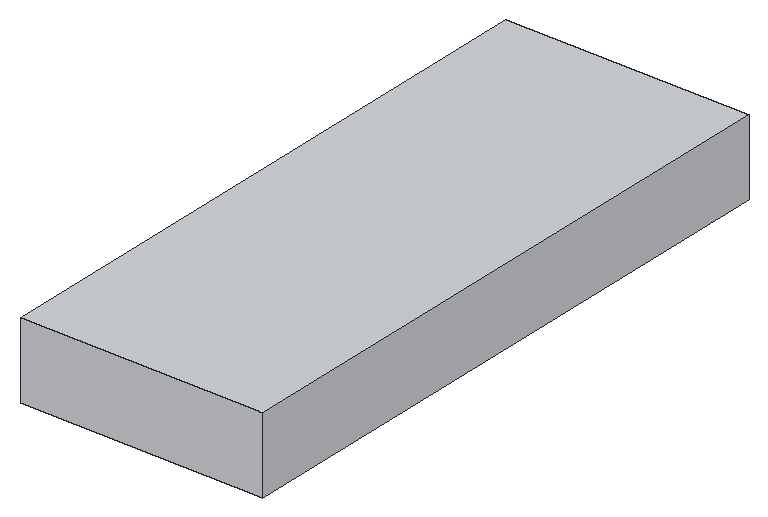
Revit family "LANTANA - RDU 2.0", category Electrical Equipment, host Face, Revit 2018
Family settings
  Host = Face
  Round Connector Dimension = Use Diameter
  Part Type = Other Panel
  OmniClass Number = 23.80.30.11.17
  OmniClass Title = Distribution Boards and Control Panels
  Cut with Voids When Loaded = No
  Shared = No
  Room Calculation Point = No
Parameters (values of type "RDU 8")
  URL = "https://lantanaled.com/"
  RDU 8 = yes
  RDU 20 = no
  RDU 6 = no
  built-in parameter 1140081 [instance] = "Surface"
  Load Classification = Other
  Internal HT = 2' - 0"
  built-in parameter 1140083 [instance] = "Type 1"
  Description = "Remote Driver Unit"
  Default Elevation = 4' - 0"
Types (3): name | RDU 8 | RDU 20 | RDU 6
  RDU 6 | no | no | yes
  RDU 8 | yes | no | no
  RDU 20 | no | yes | no
Reference planes (in)
  plane 1 "Center (Front/Back)": y = -9.2955
  plane 2: z = 0
  plane 3 "Center (Left/Right)": x = 3.75037
  plane 4: y = 2.7045
  plane 5: y = -21.2955
  plane 6: y = 2.7045
Forms (in)
  Extrusion 1, solid
    sketch origin (0, 0, 0) x (1, 0, 0) y (0, 1, 0)
      loop
        line (-1.03357, 2.7045) -> (-1.03357, -21.2955) -> (8.53432, -21.2955) -> (8.53432, 2.7045) -> (-1.03357, 2.7045)
    from 3.95933 to 0.94536
Lines and regions (in)
  model lines
    curve 1: line (7.75037, -22.8765, 0) -> (8.20481, -22.8765, 0)
    curve 2: line (7.75037, -9.2955, 4.55) -> (8.75037, -9.2955, 4.55)
Dimensions and locks (in)
  equal spacing: plane 4, plane 1 "Center (Front/Back)", plane 5
  "Internal HT": plane 4 to plane 5
  plane 3 "Center (Left/Right)" to import instance = 0' - 5.92078"
  import instance to import instance = 0' - 11.84157"
  curve 1 to import instance = 2' - 3.12706"
  curve 2 to host face = 0' - 4.55"
  import instance to import instance = 2' - 1.6"
  aligned and locked: plane 2 to host face
  aligned and locked: level to host face
  aligned and locked: Extrusion 1 sketch curve to plane 4
  aligned and locked: plane 5 to Extrusion 1 sketch curve
  aligned and locked: plane 4 to Extrusion 1
  aligned and locked: plane 6 to plane 4
  aligned and locked: Extrusion 1 to import instance  (x2)
  aligned and locked: host face to import instance  (x2)
Automatic sketch dimensions
  host sketch curve to host sketch curve = 7' - 10.42955"
  host sketch curve to host sketch curve = 6' - 1.26444"
  curve 1 to curve 1 = 0' - 0.45443"
  plane 3 "Center (Left/Right)" to curve 1 = 0' - 4"
  plane 3 "Center (Left/Right)" to curve 2 = 0' - 4"
  curve 2 to curve 2 = 0' - 1"
  plane 3 "Center (Left/Right)" to Extrusion 1 sketch curve = 0' - 4.78394"
  Extrusion 1 sketch curve to plane 3 "Center (Left/Right)" = 0' - 4.78394"
Connectors (in)
  electrical at (3.75037, 2.7045, 2.45234), driven by "Load Classification"
    settings: on Extrusion 1, index 1, voltage 208 V, apparent load 0 VA, apparent load phase1 0 VA, apparent load phase2 0 VA, apparent load phase3 0 VA, power factor 1, load classification "Other", number of poles 3, system type 31, power factor state 1, is connector primary yes, connector utility no, sub classification motor no, connector description ""
  cabletrayconduit at (3.75037, 2.7045, 2.45234), diameter 24
    settings: on Extrusion 1, index 2, connector width 1' - 0", connector height 1' - 0", connector angle 0.00°, system type 32, placement type 1, profile type 0, connector reference index -1, is primary connector yes, connector utility param no, connector description ""
  cabletrayconduit at (-1.03357, -9.2955, 2.45234), diameter 24
    settings: on Extrusion 1, index 3, connector width 1' - 0", connector height 1' - 0", connector angle 0.00°, system type 32, placement type 1, profile type 0, connector reference index -1, is primary connector no, connector utility param no, connector description ""
  cabletrayconduit at (8.53432, -9.2955, 2.45234), diameter 24
    settings: on Extrusion 1, index 4, connector width 1' - 0", connector height 1' - 0", connector angle 0.00°, system type 32, placement type 1, profile type 0, connector reference index -1, is primary connector no, connector utility param no, connector description ""
  cabletrayconduit at (3.75037, -9.2955, 0.94536), diameter 24
    settings: on Extrusion 1, index 5, connector width 1' - 0", connector height 1' - 0", connector angle 0.00°, system type 32, placement type 1, profile type 0, connector reference index -1, is primary connector no, connector utility param no, connector description ""
  cabletrayconduit at (3.75037, -21.2955, 2.45234), diameter 24
    settings: on Extrusion 1, index 6, connector width 1' - 0", connector height 1' - 0", connector angle 0.00°, system type 32, placement type 1, profile type 0, connector reference index -1, is primary connector no, connector utility param no, connector description ""
